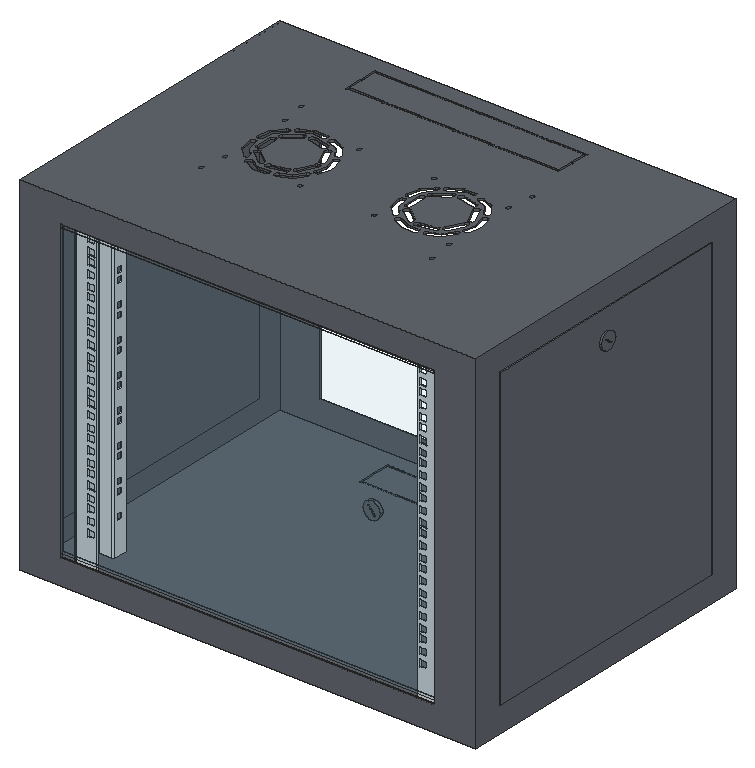
Revit family "Pivoting wallmount cabinets Legrand Linkeo with removable side panels", category Equipement spécialisé, Revit 2020 (continued)
Automatic sketch dimensions
  radius of Extrusion 5 sketch curve = 2.75 mm  (x12)
  radius of Extrusion 63 sketch curve = 2.75 mm  (x12)
Types (5, lengths in mm): name | Usable height (mm) | Number of height units | Max load capacity | Legrand part number | E-catalogue link | Height (mm) | EAN | Capacity | BIM wording
  Pivoting wallmount cabinet Legrand Linkeo 9U W600 D610 646221.rfa | 422.00 | 9 | "27" | "646221" | "https://www.legrand.fr/reference/646221/pro" | 492.00 | "3414970967893" | 9 | "Pivoting wallmount cabinet Legrand Linkeo 9U W600 D610 646221.rfa"
  Pivoting wallmount cabinet Legrand Linkeo 12U W600 D610 646222.rfa | 555.00 | 12 | "36" | "646222" | "https://www.legrand.fr/reference/646222/pro" | 625.00 | "3414970967909" | 12 | "Pivoting wallmount cabinet Legrand Linkeo 12U W600 D610 646222.rfa"
  Pivoting wallmount cabinet Legrand Linkeo 15U W600 D610 646223.rfa | 688.00 | 15 | "45" | "646223" | "https://www.legrand.fr/reference/646223/pro" | 759.00 | "3414970967916" | 15 | "Pivoting wallmount cabinet Legrand Linkeo 15U W600 D610 646223.rfa"
  Pivoting wallmount cabinet Legrand Linkeo 18U W600 D610 646224.rfa | 821.00 | 18 | "54" | "646224" | "https://www.legrand.fr/reference/646224/pro" | 892.00 | "3414970967923" | 18 | "Pivoting wallmount cabinet Legrand Linkeo 18U W600 D610 646224.rfa"
  Pivoting wallmount cabinet Legrand Linkeo 21U W600 D610 646225.rfa | 955.00 | 21 | "63" | "646225" | "https://www.legrand.fr/reference/646225/pro" | 1025.00 | "3414970967930" | 21 | "Pivoting wallmount cabinet Legrand Linkeo 21U W600 D610 646225.rfa"
